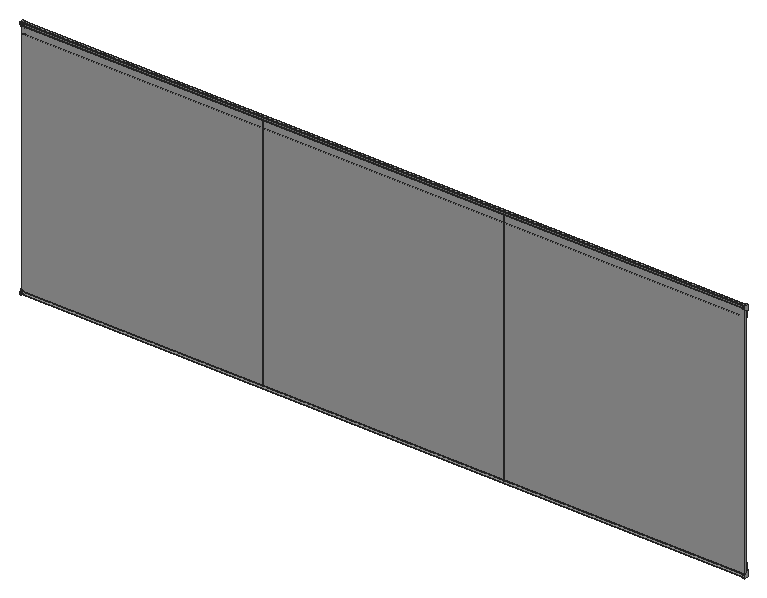
Revit family "Unity Glass Wall 4x12", category Generic Models, Revit 2018
Family settings
  Can host rebar = No
  Round Connector Dimension = Use Diameter
  Part Type = Normal
  Work Plane-Based = No
  Always vertical = Yes
  Cut with Voids When Loaded = No
  Shared = No
  Room Calculation Point = No
Parameters
  Panel #3 = Unity Glass Wall 4x12 Panel #3
  Panel #2 = Unity Glass Wall 4x12 Panel #2
  Panel #1 = Unity Glass Wall 4x12 Panel #1
Reference planes (in)
  plane 1 "Center (Front/Back)": y = 0
  plane 2: z = 0
  plane 3 "Center (Left/Right)": x = 0
Forms (in)
  Extrusion 1, solid, material "Unity Glass Wall Trim Metal"
    sketch origin (-23.62205, 0, -5.62795) x (0, 1, 0) y (0, 0, 1)
      loop
        line (0, 83.30899) -> (-0.645, 83.30899)
        arc (-0.645, 83.30899) -> (-0.70034, 83.28391) -> (-0.71795, 83.22577) r 0.07358
        arc (-0.71795, 83.22577) -> (-0.66251, 82.98163) -> (-0.5634, 82.75172) r 1.36464
        arc (-0.5634, 82.75172) -> (-0.54859, 82.73439) -> (-0.52802, 82.72453) r 0.05514
        line (-0.52802, 82.72453) -> (-0.48302, 82.72453) -> (-0.48302, 82.77531) -> (-0.51842, 82.77531)
        arc (-0.51842, 82.77531) -> (-0.6141, 82.99698) -> (-0.66761, 83.23242) r 1.31386
        arc (-0.66761, 83.23242) -> (-0.66215, 83.25044) -> (-0.645, 83.25821) r 0.0228
        line (-0.645, 83.25821) -> (-0.05078, 83.25821) -> (-0.05078, 82.12852) -> (-0.118, 82.19574) -> (-0.118, 82.45703) -> (-0.166, 82.45703) -> (-0.166, 82.19574)
        arc (-0.166, 82.19574) -> (-0.16235, 82.17737) -> (-0.15194, 82.1618) r 0.048
        line (-0.15194, 82.1618) -> (-0.1, 82.10985) -> (-0.1, 81.00078)
        arc (-0.1, 81.00078) -> (-0.05, 80.95078) -> (0, 81.00078) r 0.05
        line (0, 81.00078) -> (0, 83.30899)
    from -47.24409 to 94.48819
  Extrusion 2, solid, material "Unity Glass Wall 4x12 Panel #2" <- "Panel #2"
    sketch origin (-23.62205, 0, -5.35978) x (0, 1, 0) y (0, 0, 1)
      loop
        line (-0.48802, 35.58341) -> (-0.28802, 35.58341) -> (-0.28802, 82.8216) -> (-0.48802, 82.8216) -> (-0.48802, 35.58341)
    from 0 to 47.24409
  Extrusion 3, solid, material "Unity Glass Wall 4x12 Panel #1" <- "Panel #1"
    sketch origin (-23.62205, 0, -5.35978) x (0, 1, 0) y (0, 0, -1)
      loop
        line (-0.48802, -35.58341) -> (-0.48802, -82.8216) -> (-0.28802, -82.8216) -> (-0.28802, -35.58341) -> (-0.48802, -35.58341)
    from 0 to 47.24409
  Extrusion 4, solid, material "Unity Glass Wall 4x12 Panel #3" <- "Panel #3"
    sketch origin (23.62205, 0, -5.35978) x (0, 1, 0) y (0, 0, 1)
      loop
        line (-0.48802, 35.58341) -> (-0.28802, 35.58341) -> (-0.28802, 82.8216) -> (-0.48802, 82.8216) -> (-0.48802, 35.58341)
    from 0 to 47.24409
  Extrusion 5, solid, material "Unity Glass Wall Trim Metal"
    sketch origin (-23.62205, 0, -5.62795) x (0, 1, 0) y (0, 0, 1)
      loop
        line (0, 83.35978) -> (-0.645, 83.35978)
        arc (-0.645, 83.35978) -> (-0.73852, 83.31739) -> (-0.76829, 83.21911) r 0.12436
        arc (-0.76829, 83.21911) -> (-0.55414, 82.63679) -> (-0.11151, 82.20201) r 1.41542
        arc (-0.11151, 82.20201) -> (-0.09645, 82.19579) -> (-0.08019, 82.19478) r 0.04981
        line (-0.08019, 82.19478) -> (0, 82.19478) -> (0, 83.35978)
    from -47.24409 to -47.34409
  Extrusion 6, solid, material "Unity Glass Wall Trim Metal"
    sketch origin (-118.11024, 0, -5.62795) x (0, 1, 0) y (0, 0, -1)
      loop
        line (0, -83.35978) -> (0, -81.00078)
        arc (0, -81.00078) -> (-0.05, -80.95078) -> (-0.1, -81.00078) r 0.05
        line (-0.1, -81.00078) -> (-0.1, -82.10985) -> (-0.15194, -82.1618)
        arc (-0.15194, -82.1618) -> (-0.16235, -82.17737) -> (-0.166, -82.19574) r 0.048
        line (-0.166, -82.19574) -> (-0.166, -82.45703) -> (-0.118, -82.45703) -> (-0.118, -82.19574) -> (-0.048, -82.12574) -> (-0.048, -83.30899) -> (-0.645, -83.30899)
        arc (-0.645, -83.30899) -> (-0.70034, -83.28391) -> (-0.71795, -83.22577) r 0.07358
        arc (-0.71795, -83.22577) -> (-0.66202, -82.98012) -> (-0.56188, -82.74894) r 1.36464
        arc (-0.56188, -82.74894) -> (-0.5474, -82.73362) -> (-0.52802, -82.72531) r 0.05198
        line (-0.52802, -82.72531) -> (-0.48302, -82.72531) -> (-0.48302, -82.67453) -> (-0.5309, -82.67453)
        arc (-0.5309, -82.67453) -> (-0.56773, -82.68318) -> (-0.59684, -82.70734) r 0.08265
        arc (-0.59684, -82.70734) -> (-0.70718, -82.95498) -> (-0.76829, -83.21911) r 1.41542
        arc (-0.76829, -83.21911) -> (-0.73852, -83.31739) -> (-0.645, -83.35978) r 0.12436
        line (-0.645, -83.35978) -> (0, -83.35978)
    from -47.24409 to -47.44409
  Extrusion 7, solid, material "Unity Glass Wall Trim Metal"
    sketch origin (23.62205, 0, -5.62795) x (0, 1, 0) y (0, 0, -1)
      loop
        line (0, -83.35978) -> (0, -82.19478) -> (-0.08019, -82.19478)
        arc (-0.08019, -82.19478) -> (-0.09645, -82.19579) -> (-0.11151, -82.20201) r 0.04981
        arc (-0.11151, -82.20201) -> (-0.55414, -82.63679) -> (-0.76829, -83.21911) r 1.41542
        arc (-0.76829, -83.21911) -> (-0.73852, -83.31739) -> (-0.645, -83.35978) r 0.12436
        line (-0.645, -83.35978) -> (0, -83.35978)
    from -47.24409 to -47.34409
  Extrusion 8, solid, material "Unity Glass Wall Trim Metal"
    sketch origin (118.11024, 0, -5.62795) x (0, 1, 0) y (0, 0, 1)
      loop
        line (0, 83.35978) -> (-0.645, 83.35978)
        arc (-0.645, 83.35978) -> (-0.73852, 83.31739) -> (-0.76829, 83.21911) r 0.12436
        arc (-0.76829, 83.21911) -> (-0.70718, 82.95498) -> (-0.59684, 82.70734) r 1.41542
        arc (-0.59684, 82.70734) -> (-0.56773, 82.68318) -> (-0.5309, 82.67453) r 0.08265
        line (-0.5309, 82.67453) -> (-0.48302, 82.67453) -> (-0.48302, 82.72531) -> (-0.52802, 82.72531)
        arc (-0.52802, 82.72531) -> (-0.5474, 82.73362) -> (-0.56188, 82.74894) r 0.05198
        arc (-0.56188, 82.74894) -> (-0.66202, 82.98012) -> (-0.71795, 83.22577) r 1.36464
        arc (-0.71795, 83.22577) -> (-0.70034, 83.28391) -> (-0.645, 83.30899) r 0.07358
        line (-0.645, 83.30899) -> (-0.048, 83.30899) -> (-0.048, 82.12574) -> (-0.118, 82.19574) -> (-0.118, 82.45703) -> (-0.166, 82.45703) -> (-0.166, 82.19574)
        arc (-0.166, 82.19574) -> (-0.16235, 82.17737) -> (-0.15194, 82.1618) r 0.048
        line (-0.15194, 82.1618) -> (-0.1, 82.10985) -> (-0.1, 81.00078)
        arc (-0.1, 81.00078) -> (-0.05, 80.95078) -> (0, 81.00078) r 0.05
        line (0, 81.00078) -> (0, 83.35978)
    from -47.24409 to -47.44409
  Extrusion 9, solid, material "Unity Glass Wall Trim Metal"
    sketch origin (-23.62205, 0, 113.31341) x (0, 1, 0) y (0, 0, 1)
      loop
        line (0, -83.30899) -> (0, -81.00078)
        arc (0, -81.00078) -> (-0.05, -80.95078) -> (-0.1, -81.00078) r 0.05
        line (-0.1, -81.00078) -> (-0.1, -82.10985) -> (-0.15194, -82.1618)
        arc (-0.15194, -82.1618) -> (-0.16235, -82.17737) -> (-0.166, -82.19574) r 0.048
        line (-0.166, -82.19574) -> (-0.166, -82.45703) -> (-0.118, -82.45703) -> (-0.118, -82.19574) -> (-0.05078, -82.12852) -> (-0.05078, -83.25821) -> (-0.645, -83.25821)
        arc (-0.645, -83.25821) -> (-0.66215, -83.25044) -> (-0.66761, -83.23242) r 0.0228
        arc (-0.66761, -83.23242) -> (-0.6141, -82.99698) -> (-0.51842, -82.77531) r 1.31386
        line (-0.51842, -82.77531) -> (-0.48302, -82.77531) -> (-0.48302, -82.72453) -> (-0.52802, -82.72453)
        arc (-0.52802, -82.72453) -> (-0.54859, -82.73439) -> (-0.5634, -82.75172) r 0.05514
        arc (-0.5634, -82.75172) -> (-0.66251, -82.98163) -> (-0.71795, -83.22577) r 1.36464
        arc (-0.71795, -83.22577) -> (-0.70034, -83.28391) -> (-0.645, -83.30899) r 0.07358
        line (-0.645, -83.30899) -> (0, -83.30899)
    from -47.24409 to 94.48819
  Extrusion 10, solid, material "Unity Glass Wall Trim Metal"
    sketch origin (-23.62205, 0, 113.31341) x (0, 1, 0) y (0, 0, 1)
      loop
        line (0, -83.35978) -> (0, -82.19478) -> (-0.08019, -82.19478)
        arc (-0.08019, -82.19478) -> (-0.09645, -82.19579) -> (-0.11151, -82.20201) r 0.04981
        arc (-0.11151, -82.20201) -> (-0.55414, -82.63679) -> (-0.76829, -83.21911) r 1.41542
        arc (-0.76829, -83.21911) -> (-0.73852, -83.31739) -> (-0.645, -83.35978) r 0.12436
        line (-0.645, -83.35978) -> (0, -83.35978)
    from -47.24409 to -47.34409
  Extrusion 11, solid, material "Unity Glass Wall Trim Metal"
    sketch origin (-118.11024, 0, 113.31341) x (0, 1, 0) y (0, 0, -1)
      loop
        line (0, 83.35978) -> (-0.645, 83.35978)
        arc (-0.645, 83.35978) -> (-0.73852, 83.31739) -> (-0.76829, 83.21911) r 0.12436
        arc (-0.76829, 83.21911) -> (-0.70718, 82.95498) -> (-0.59684, 82.70734) r 1.41542
        arc (-0.59684, 82.70734) -> (-0.56773, 82.68318) -> (-0.5309, 82.67453) r 0.08265
        line (-0.5309, 82.67453) -> (-0.48302, 82.67453) -> (-0.48302, 82.72531) -> (-0.52802, 82.72531)
        arc (-0.52802, 82.72531) -> (-0.5474, 82.73362) -> (-0.56188, 82.74894) r 0.05198
        arc (-0.56188, 82.74894) -> (-0.66202, 82.98012) -> (-0.71795, 83.22577) r 1.36464
        arc (-0.71795, 83.22577) -> (-0.70034, 83.28391) -> (-0.645, 83.30899) r 0.07358
        line (-0.645, 83.30899) -> (-0.048, 83.30899) -> (-0.048, 82.12574) -> (-0.118, 82.19574) -> (-0.118, 82.45703) -> (-0.166, 82.45703) -> (-0.166, 82.19574)
        arc (-0.166, 82.19574) -> (-0.16235, 82.17737) -> (-0.15194, 82.1618) r 0.048
        line (-0.15194, 82.1618) -> (-0.1, 82.10985) -> (-0.1, 81.00078)
        arc (-0.1, 81.00078) -> (-0.05, 80.95078) -> (0, 81.00078) r 0.05
        line (0, 81.00078) -> (0, 83.35978)
    from -47.24409 to -47.44409
  Extrusion 12, solid, material "Unity Glass Wall Trim Metal"
    sketch origin (23.62205, 0, 113.31341) x (0, 1, 0) y (0, 0, -1)
      loop
        line (0, 83.35978) -> (-0.645, 83.35978)
        arc (-0.645, 83.35978) -> (-0.73852, 83.31739) -> (-0.76829, 83.21911) r 0.12436
        arc (-0.76829, 83.21911) -> (-0.55414, 82.63679) -> (-0.11151, 82.20201) r 1.41542
        arc (-0.11151, 82.20201) -> (-0.09645, 82.19579) -> (-0.08019, 82.19478) r 0.04981
        line (-0.08019, 82.19478) -> (0, 82.19478) -> (0, 83.35978)
    from -47.24409 to -47.34409
  Extrusion 13, solid, material "Unity Glass Wall Trim Metal"
    sketch origin (118.11024, 0, 113.31341) x (0, 1, 0) y (0, 0, 1)
      loop
        line (0, -83.35978) -> (0, -81.00078)
        arc (0, -81.00078) -> (-0.05, -80.95078) -> (-0.1, -81.00078) r 0.05
        line (-0.1, -81.00078) -> (-0.1, -82.10985) -> (-0.15194, -82.1618)
        arc (-0.15194, -82.1618) -> (-0.16235, -82.17737) -> (-0.166, -82.19574) r 0.048
        line (-0.166, -82.19574) -> (-0.166, -82.45703) -> (-0.118, -82.45703) -> (-0.118, -82.19574) -> (-0.048, -82.12574) -> (-0.048, -83.30899) -> (-0.645, -83.30899)
        arc (-0.645, -83.30899) -> (-0.70034, -83.28391) -> (-0.71795, -83.22577) r 0.07358
        arc (-0.71795, -83.22577) -> (-0.66202, -82.98012) -> (-0.56188, -82.74894) r 1.36464
        arc (-0.56188, -82.74894) -> (-0.5474, -82.73362) -> (-0.52802, -82.72531) r 0.05198
        line (-0.52802, -82.72531) -> (-0.48302, -82.72531) -> (-0.48302, -82.67453) -> (-0.5309, -82.67453)
        arc (-0.5309, -82.67453) -> (-0.56773, -82.68318) -> (-0.59684, -82.70734) r 0.08265
        arc (-0.59684, -82.70734) -> (-0.70718, -82.95498) -> (-0.76829, -83.21911) r 1.41542
        arc (-0.76829, -83.21911) -> (-0.73852, -83.31739) -> (-0.645, -83.35978) r 0.12436
        line (-0.645, -83.35978) -> (0, -83.35978)
    from -47.24409 to -47.44409
Dimensions and locks (in)
  aligned and locked: plane 2 to level
